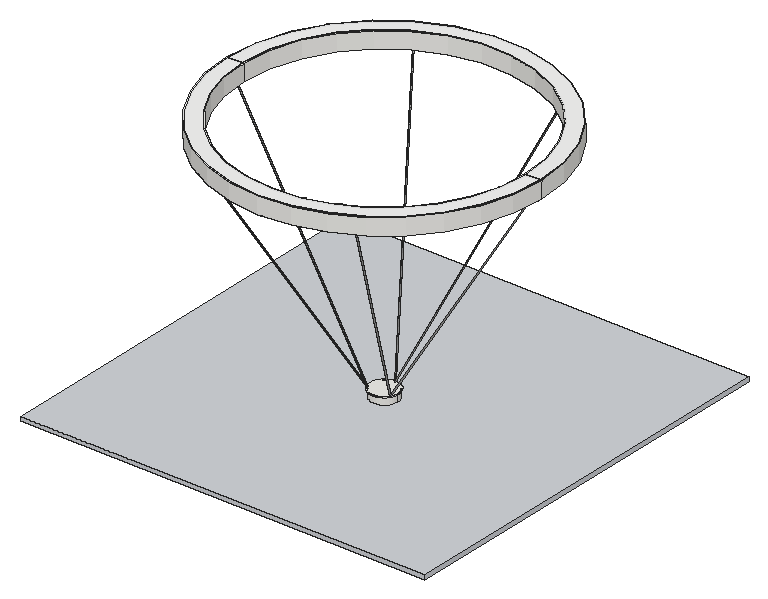
Revit family "STORA-LK_D1900", category Leuchten, Revit 2017
Family settings
  Basisbauteil = Fläche
  Bemaßung runder Anschluss = Durchmesser verwenden
  Teiletyp = Normal
  OmniClass-Nummer = 23.80.70.11
  OmniClass-Titel = Luminaries for Internal Lighting
  Beim Laden mit Abzugskörper schneiden = Nein
  Lichtquelle = Ja
  Gemeinsam genutzt = Nein
  Raumberechnungspunkt = Nein
Parameters (values of type "STORA-LK-LED D1900/840 OS-DA")
  Weight = "22.5 kg"
  Wattage = 75.7362 W
  built-in parameter 1150110 = 1 (stored number, unit not read)
  Voltage = 230 V  # constant formula
  URL = ""
  built-in parameter 1114217 = 1 (stored number, unit not read)
  Tilt Angle = -90.00°
  built-in parameter 1150109 = 1 (stored number, unit not read)
  built-in parameter 1150134 = 12
  Suspension Height [instance] = 1500 mm
  Suspension = RIDI Metall silver 9006
  built-in parameter 1150113 = 1 (stored number, unit not read)
  Indirect = RIDI Metal White 9016
  Diameter = 1900 mm  # constant formula
  Datei für fotometrisches Netz = "STORA-LK-LED D1900_840 OS.IES"
  Number of Poles = 1
  Modell = "SPC0630014"
  Hersteller = "Spectral"  # constant formula
  built-in parameter 1150105 = 895.25 (stored number, unit not read)
  Lumens = 11250 lm
  built-in parameter 1150115 = 1 (stored number, unit not read)
  built-in parameter 1150137 = (empty or 0)
  built-in parameter 1150139 = (empty or 0)
  built-in parameter 1150112 = 1 (stored number, unit not read)
  built-in parameter 1150114 = 1 (stored number, unit not read)
  Lampe = "1xLED-M"
  built-in parameter 1150132 = 2
  built-in parameter 1150102 = (empty or 0)
  built-in parameter 1150107 = 4000 (stored number, unit not read)
  built-in parameter 1150138 = (empty or 0)
  built-in parameter 1150106 = 8.9525 (stored number, unit not read)
  IP Rating = "IP 20"  # constant formula
  IK Code = ""
  Height = 100 mm  # constant formula
  Energy Class = "A++ - A"  # constant formula
  Von Kreisdurchmesser aussenden = 1900 mm
  Emissionsform beim Rendern sichtbar = no
  built-in parameter 1150104 = 13.8 (stored number, unit not read)
  Farbtemperaturverschiebung bei Dämpfen der Lampe = <Keine Auswahl>
  Beschreibung = "Suspended lumnaire"  # constant formula
  Default Elevation = 0 mm
  Cover = RIDI Light Emitting Surface
  Copyright = "© RIDI. All rights reserved."  # constant formula
  Farbfilter = 16777215
  Certification = "CE"  # constant formula
  Body = RIDI Metal White 9016
  built-in parameter 1114218 = 1 (stored number, unit not read)
  built-in parameter 1150133 = 10 (stored number, unit not read)
  Apparent Load = 127 VA
Types (8, lengths in mm): name | Weight | Wattage | built-in parameter 1150134 | Indirect | Datei für fotometrisches Netz | Number of Poles | Modell | built-in parameter 1150105 | Lumens | built-in parameter 1150107 | built-in parameter 1150106 | Apparent Load
  STORA-LK-I-LED D1900/830 OS | "30 kg" | 126.362 W | (empty or 0) | RIDI Light Emitting Surface | "STORA-LK-I-LED D1900_840 OS.IES" | 2 | "SPC0620023" | 1493.7 (stored number, unit not read) | 18770 lm | 3000 (stored number, unit not read) | 14.937 (stored number, unit not read) | 184 VA
  STORA-LK-I-LED D1900/840 OS | "30 kg" | 131.613 W | 12 | RIDI Light Emitting Surface | "STORA-LK-I-LED D1900_840 OS.IES" | 2 | "SPC0620019" | 4055.7 (stored number, unit not read) | 19550 lm | 4000 (stored number, unit not read) | 40.557 (stored number, unit not read) | 184 VA
  STORA-LK-LED D1900/840 OS | "22.5 kg" | 75.7362 W | 12 | RIDI Metal White 9016 | "STORA-LK-LED D1900_840 OS.IES" | 1 | "SPC0620014" | 895.25 (stored number, unit not read) | 11250 lm | 4000 (stored number, unit not read) | 8.9525 (stored number, unit not read) | 127 VA
  STORA-LK-LED D1900/830 OS | "22.5 kg" | 72.7067 W | (empty or 0) | RIDI Metal White 9016 | "STORA-LK-LED D1900_840 OS.IES" | 1 | "SPC0620021" | 3879.4 (stored number, unit not read) | 10800 lm | 3000 (stored number, unit not read) | 38.794 (stored number, unit not read) | 127 VA
  STORA-LK-I-LED D1900/830 OS-DA | "30 kg" | 126.362 W | (empty or 0) | RIDI Light Emitting Surface | "STORA-LK-I-LED D1900_840 OS.IES" | 1 | "SPC0630023" | 1493.7 (stored number, unit not read) | 18770 lm | 3000 (stored number, unit not read) | 14.937 (stored number, unit not read) | 184 VA
  STORA-LK-I-LED D1900/840 OS-DA | "30 kg" | 131.613 W | 12 | RIDI Light Emitting Surface | "STORA-LK-I-LED D1900_840 OS.IES" | 1 | "SPC0630019" | 4055.7 (stored number, unit not read) | 19550 lm | 4000 (stored number, unit not read) | 40.557 (stored number, unit not read) | 184 VA
  STORA-LK-LED D1900/830 OS-DA | "22.5 kg" | 72.7067 W | (empty or 0) | RIDI Metal White 9016 | "STORA-LK-LED D1900_840 OS.IES" | 1 | "SPC0630021" | 3879.4 (stored number, unit not read) | 10800 lm | 3000 (stored number, unit not read) | 38.794 (stored number, unit not read) | 127 VA
  STORA-LK-LED D1900/840 OS-DA | "22.5 kg" | 75.7362 W | 12 | RIDI Metal White 9016 | "STORA-LK-LED D1900_840 OS.IES" | 1 | "SPC0630014" | 895.25 (stored number, unit not read) | 11250 lm | 4000 (stored number, unit not read) | 8.9525 (stored number, unit not read) | 127 VA
Reference planes
  plane 1 "Center (Front/Back)": y = 0
  plane 2 "Top": z = 0
  plane 3 "Center (Left/Right)": x = 0
  plane 4: z = -25
  plane 5 "Bottom": z = 1500
  plane 6 "Top Body": z = 1400
  plane 7: z = 1495
Forms (mm)
  Extrusion 1, solid
    sketch origin (0, 0, 0) x (1, 0, 0) y (0, 1, 0)
      loop
        line (-1219.2, 1219.2) -> (-1219.2, -1219.2) -> (1219.2, -1219.2) -> (1219.2, 1219.2) -> (-1219.2, 1219.2)
    from 0 to -25
  Extrusion 2, solid, material "RIDI Metal White 9016" <- "Body"
    sketch origin (0, 0, 0) x (1, 0, 0) y (0, 1, 0)
      loop
        circle (0, 0) r 80
    from 0 to 44
  Revolve 3, solid, material "RIDI Metal White 9016" <- "Body"
    sketch origin (0, 0, 0) x (1, 0, 0) y (0, 0, 1)
      loop
        line (-950, 1500) -> (-950, 1400) -> (-945, 1400) -> (-945, 1403) -> (-855, 1403) -> (-855, 1400) -> (-850, 1400) -> (-850, 1500) -> (-855, 1500) -> (-855, 1495) -> (-945, 1495) -> (-945, 1500) -> (-950, 1500)
      axis (0, 1500) -> (0, 1400)
    angle from 0 to 360
  Revolve 4, solid, material "RIDI Light Emitting Surface" <- "Cover"
    sketch origin (0, 0, 0) x (1, 0, 0) y (0, 0, 1)
      loop
        line (-945, 1500) -> (-945, 1495) -> (-855, 1495) -> (-855, 1500) -> (-945, 1500)
      axis (0, 1500) -> (0, 1495)
    angle from 0 to 360
  Extrusion 5, solid, material "RIDI Metal White 9016"
    sketch origin (0, 0, 0) x (1, 0, 0) y (0, 1, 0)
      loop
        circle (0, 0) r 87.5
    from 44 to 45
  Extrusion 6, solid, material "RIDI Metal White 9016"
    sketch origin (0, 0, 0) x (1, 0, 0) y (0, 1, 0)
      loop
        line (-20.05, 855) -> (20.05, 855) -> (20.05, 944.787) -> (-20.05, 944.787) -> (-20.05, 855)
      loop
        line (444.864, 730.427) -> (489.757, 808.185) -> (455.03, 828.235) -> (410.136, 750.477) -> (444.864, 730.427)
      loop
        line (750.477, 410.136) -> (828.235, 455.03) -> (808.185, 489.757) -> (730.427, 444.864) -> (750.477, 410.136)
      loop
        line (855, -20.05) -> (944.787, -20.05) -> (944.787, 20.05) -> (855, 20.05) -> (855, -20.05)
      loop
        line (-20.05, -855) -> (-20.05, -944.787) -> (20.05, -944.787) -> (20.05, -855) -> (-20.05, -855)
      loop
        line (-444.864, 730.427) -> (-410.136, 750.477) -> (-455.03, 828.235) -> (-489.757, 808.185) -> (-444.864, 730.427)
      loop
        line (444.864, -730.427) -> (410.136, -750.477) -> (455.03, -828.235) -> (489.757, -808.185) -> (444.864, -730.427)
      loop
        line (-444.864, -730.427) -> (-489.757, -808.185) -> (-455.03, -828.235) -> (-410.136, -750.477) -> (-444.864, -730.427)
      loop
        line (750.477, -410.136) -> (730.427, -444.864) -> (808.185, -489.757) -> (828.235, -455.03) -> (750.477, -410.136)
      loop
        line (-750.477, 410.136) -> (-730.427, 444.864) -> (-808.185, 489.757) -> (-828.235, 455.03) -> (-750.477, 410.136)
      loop
        line (-855, -20.05) -> (-855, 20.05) -> (-944.787, 20.05) -> (-944.787, -20.05) -> (-855, -20.05)
      loop
        line (-750.477, -410.136) -> (-828.235, -455.03) -> (-808.185, -489.757) -> (-730.427, -444.864) -> (-750.477, -410.136)
    from 1400 to 1403
  Blend 7, solid, material "RIDI Metall silver 9006" <- "Suspension"
    base sketch origin (0, 0, 0) x (1, 0, 0) y (0, 1, 0)
      loop
        circle (0, 80) r 2
    top sketch origin (0, 0, 0) x (1, 0, 0) y (0, 1, 0)
      loop
        circle (450, 779.423) r 2
    from 44 to 1400
  Blend 8, solid, material "RIDI Metall silver 9006" <- "Suspension"
    base sketch origin (0, 0, 0) x (1, 0, 0) y (0, 1, 0)
      loop
        circle (0, 80) r 2
    top sketch origin (0, 0, 0) x (1, 0, 0) y (0, 1, 0)
      loop
        circle (-450, 779.423) r 2
    from 44 to 1400
  Blend 9, solid, material "RIDI Metall silver 9006" <- "Suspension"
    base sketch origin (0, 0, 0) x (0.5, 0.866025, 0) y (-0.866025, 0.5, 0)
      loop
        circle (0, -80) r 2
    top sketch origin (0, 0, 0) x (0.5, 0.866025, 0) y (-0.866025, 0.5, 0)
      loop
        circle (450, -779.423) r 2
    from 44 to 1400
  Blend 10, solid, material "RIDI Metall silver 9006" <- "Suspension"
    base sketch origin (0, 0, 0) x (0.5, 0.866025, 0) y (-0.866025, 0.5, 0)
      loop
        circle (0, -80) r 2
    top sketch origin (0, 0, 0) x (0.5, 0.866025, 0) y (-0.866025, 0.5, 0)
      loop
        circle (-450, -779.423) r 2
    from 44 to 1400
  Blend 11, solid, material "RIDI Metall silver 9006" <- "Suspension"
    base sketch origin (0, 0, 0) x (-0.5, 0.866025, 0) y (-0.866025, -0.5, 0)
      loop
        circle (0, 80) r 2
    top sketch origin (0, 0, 0) x (-0.5, 0.866025, 0) y (-0.866025, -0.5, 0)
      loop
        circle (450, 779.423) r 2
    from 44 to 1400
  Blend 12, solid, material "RIDI Metall silver 9006" <- "Suspension"
    base sketch origin (0, 0, 0) x (-0.5, 0.866025, 0) y (-0.866025, -0.5, 0)
      loop
        circle (0, 80) r 2
    top sketch origin (0, 0, 0) x (-0.5, 0.866025, 0) y (-0.866025, -0.5, 0)
      loop
        circle (-450, 779.423) r 2
    from 44 to 1400
  Revolve 13, solid, material "RIDI Metal White 9016" <- "Indirect"
    sketch origin (0, 0, 0) x (1, 0, 0) y (0, 0, 1)
      loop
        line (-855, 1403) -> (-944.787, 1403) -> (-944.787, 1400.956) -> (-855, 1400.956) -> (-855, 1403)
      axis (0, 1403) -> (0, 1400.956)
    angle from 0 to 360
Lines and regions (mm)
  reference lines
    curve 1: circle (0, 0, 0) r 900 normal (0, 0, 1)
    curve 2: line (0, 0, 0) -> (55, 95.263, 0)
    curve 3: line (610, 1056.551, 0) -> (0, 0, 0)
    curve 4: line (0, 0, 0) -> (-600, 1039.23, 0)
Dimensions and locks
  "Suspension Height": plane 5 "Bottom" to plane 2 "Top"
  locked: connector elem to plane 1 "Center (Front/Back)" at 0
  plane 5 "Bottom" to plane 7 to plane 6 "Top Body" = 5 mm locked, 95 mm locked
  locked: Extrusion 6 to Extrusion 6 at 3
  aligned and locked: plane 2 "Top" to Extrusion 1
  aligned and locked: level to Extrusion 1
  aligned and locked: plane 5 "Bottom" to imposter light
  aligned and locked: Extrusion 2 to plane 2 "Top"
  aligned and locked: Revolve 3 sketch curve to imposter light
  aligned and locked: Revolve 3 sketch curve to plane 7
  aligned and locked: Revolve 4 sketch curve to plane 5 "Bottom"
  aligned and locked: plane 7 to Revolve 4 sketch curve
  aligned and locked: Revolve 3 sketch curve to plane 6 "Top Body"
  aligned and locked: Extrusion 6 to Revolve 3
  aligned and locked: Extrusion 6 to plane 6 "Top Body"
  aligned and locked: plane 6 "Top Body" to Blend 8
  aligned and locked: plane 6 "Top Body" to Blend 7
  aligned and locked: plane 6 "Top Body" to Blend 11
  aligned and locked: plane 6 "Top Body" to Blend 12
  aligned and locked: plane 6 "Top Body" to Blend 10
  aligned and locked: Blend 9 to plane 6 "Top Body"
  aligned and locked: Revolve 13 sketch curve to Revolve 3
Automatic sketch dimensions
  Extrusion 1 sketch curve to Extrusion 1 sketch curve = 2438.4 mm  (x2)
  plane 1 "Center (Front/Back)" to Extrusion 2 sketch curve = 0 mm
  Extrusion 2 sketch curve to plane 3 "Center (Left/Right)" = 0 mm
  Revolve 3 sketch curve to plane 6 "Top Body" = 0 mm
  Revolve 3 sketch curve to plane 5 "Bottom" = 0 mm
  Revolve 3 sketch curve to plane 3 "Center (Left/Right)" = 0 mm
  Revolve 3 sketch curve to plane 3 "Center (Left/Right)" = 850 mm
  Revolve 3 sketch curve to Revolve 3 sketch curve = 5 mm  (x3)
  Revolve 3 sketch curve to Revolve 3 sketch curve = 90 mm  (x2)
  Revolve 3 sketch curve to Revolve 3 sketch curve = 3 mm
  plane 7 to Revolve 3 sketch curve = 30 mm
  plane 7 to Revolve 3 sketch curve = 15 mm
  Revolve 4 sketch curve to plane 3 "Center (Left/Right)" = 0 mm
  Revolve 4 sketch curve to plane 3 "Center (Left/Right)" = 855 mm
  Revolve 4 sketch curve to Revolve 4 sketch curve = 90 mm
  Revolve 4 sketch curve to plane 6 "Top Body" = 146 mm
  Revolve 4 sketch curve to Revolve 4 sketch curve = 35 mm
  plane 1 "Center (Front/Back)" to Extrusion 5 sketch curve = 0 mm
  Extrusion 5 sketch curve to plane 3 "Center (Left/Right)" = 0 mm
  plane 1 "Center (Front/Back)" to curve 4 = 0 mm
  curve 4 to plane 3 "Center (Left/Right)" = 0 mm
  plane 1 "Center (Front/Back)" to curve 1 = 0 mm
  curve 1 to plane 3 "Center (Left/Right)" = 0 mm
  curve 4 to plane 3 "Center (Left/Right)" = 600 mm
  plane 3 "Center (Left/Right)" to curve 2 = 55 mm
  plane 3 "Center (Left/Right)" to curve 3 = 610 mm
  curve 2 to plane 1 "Center (Front/Back)" = 95.263 mm
  curve 4 to plane 1 "Center (Front/Back)" = 1039.23 mm
  curve 3 to plane 1 "Center (Front/Back)" = 1056.551 mm
  plane 1 "Center (Front/Back)" to Extrusion 6 sketch curve = 20.05 mm  (x2)
  Extrusion 6 sketch curve to plane 3 "Center (Left/Right)" = 944.787 mm
  Extrusion 6 sketch curve to plane 1 "Center (Front/Back)" = 20.05 mm  (x2)
  Extrusion 6 sketch curve to Extrusion 6 sketch curve = 89.787 mm  (x4)
  Extrusion 6 sketch curve to Extrusion 6 sketch curve = 26.765 mm  (x2)
  plane 1 "Center (Front/Back)" to Extrusion 6 sketch curve = 489.757 mm  (x2)
  Extrusion 6 sketch curve to Extrusion 6 sketch curve = 20.05 mm  (x8)
  Extrusion 6 sketch curve to plane 1 "Center (Front/Back)" = 489.757 mm  (x2)
  plane 1 "Center (Front/Back)" to Extrusion 6 sketch curve = 410.136 mm  (x2)
  Extrusion 6 sketch curve to Extrusion 6 sketch curve = 77.758 mm  (x4)
  Extrusion 6 sketch curve to plane 1 "Center (Front/Back)" = 410.136 mm  (x2)
  Extrusion 6 sketch curve to Extrusion 6 sketch curve = 240.669 mm  (x2)
  Extrusion 6 sketch curve to Extrusion 6 sketch curve = 34.727 mm  (x4)
  Extrusion 6 sketch curve to Extrusion 6 sketch curve = 44.894 mm  (x4)
  Extrusion 6 sketch curve to plane 3 "Center (Left/Right)" = 20.05 mm  (x2)
  plane 3 "Center (Left/Right)" to Extrusion 6 sketch curve = 20.05 mm  (x2)
  Extrusion 6 sketch curve to Extrusion 6 sketch curve = 390.086 mm  (x2)
  Extrusion 6 sketch curve to Extrusion 6 sketch curve = 285.563 mm  (x6)
  Extrusion 6 sketch curve to Extrusion 6 sketch curve = 104.523 mm  (x3)
  Blend 7 sketch curve to plane 3 "Center (Left/Right)" = 0 mm
  Blend 7 sketch curve to plane 1 "Center (Front/Back)" = 80 mm
  plane 3 "Center (Left/Right)" to Blend 7 sketch curve = 450 mm
  Blend 7 sketch curve to plane 1 "Center (Front/Back)" = 779.423 mm
  Blend 8 sketch curve to plane 3 "Center (Left/Right)" = 0 mm
  Blend 8 sketch curve to plane 1 "Center (Front/Back)" = 80 mm
  Blend 8 sketch curve to plane 3 "Center (Left/Right)" = 450 mm
  Blend 8 sketch curve to plane 1 "Center (Front/Back)" = 779.423 mm
  Blend 9 sketch curve to plane 1 "Center (Front/Back)" = 40 mm
  Blend 9 sketch curve to plane 3 "Center (Left/Right)" = 69.282 mm
  plane 1 "Center (Front/Back)" to Blend 9 sketch curve = 0 mm
  Blend 9 sketch curve to plane 3 "Center (Left/Right)" = 900 mm
  Blend 10 sketch curve to plane 1 "Center (Front/Back)" = 40 mm
  Blend 10 sketch curve to plane 3 "Center (Left/Right)" = 69.282 mm
  Blend 10 sketch curve to plane 3 "Center (Left/Right)" = 450 mm
  Blend 10 sketch curve to plane 1 "Center (Front/Back)" = 779.423 mm
  plane 1 "Center (Front/Back)" to Blend 11 sketch curve = 40 mm
  Blend 11 sketch curve to plane 3 "Center (Left/Right)" = 69.282 mm
  plane 1 "Center (Front/Back)" to Blend 11 sketch curve = 0 mm
  Blend 11 sketch curve to plane 3 "Center (Left/Right)" = 900 mm
  plane 1 "Center (Front/Back)" to Blend 12 sketch curve = 40 mm
  Blend 12 sketch curve to plane 3 "Center (Left/Right)" = 69.282 mm
  Blend 12 sketch curve to plane 3 "Center (Left/Right)" = 450 mm
  plane 1 "Center (Front/Back)" to Blend 12 sketch curve = 779.423 mm
  Revolve 13 sketch curve to plane 3 "Center (Left/Right)" = 0 mm
  Revolve 13 sketch curve to plane 3 "Center (Left/Right)" = 855 mm
  plane 6 "Top Body" to Revolve 13 sketch curve = 0.956 mm
  Revolve 13 sketch curve to Revolve 13 sketch curve = 89.787 mm
  Revolve 13 sketch curve to plane 4 = 584.6 mm
  plane 5 "Bottom" to Revolve 13 sketch curve = 1409.058 mm
  radius of Extrusion 2 sketch curve = 80 mm
  radius of Extrusion 5 sketch curve = 87.5 mm
  radius of curve 1 = 900 mm
  radius of Blend 7 sketch curve = 2 mm  (x2)
  radius of Blend 8 sketch curve = 2 mm  (x2)
  radius of Blend 9 sketch curve = 2 mm  (x2)
  radius of Blend 10 sketch curve = 2 mm  (x2)
  radius of Blend 11 sketch curve = 2 mm  (x2)
  radius of Blend 12 sketch curve = 2 mm  (x2)
Connectors
  electrical at (0, 0, 0), driven by "Voltage", driven by "Apparent Load", driven by "Apparent Load", driven by "Number of Poles"
    settings: on Extrusion 2, index 1, voltage 230 V, apparent load 127 VA, apparent load phase1 127 VA, apparent load phase2 0 VA, apparent load phase3 0 VA, power factor 1, load classification "Lighting", number of poles 1, system type 30, power factor state 1, is connector primary yes, connector utility no, sub classification motor no, connector description "Power"
